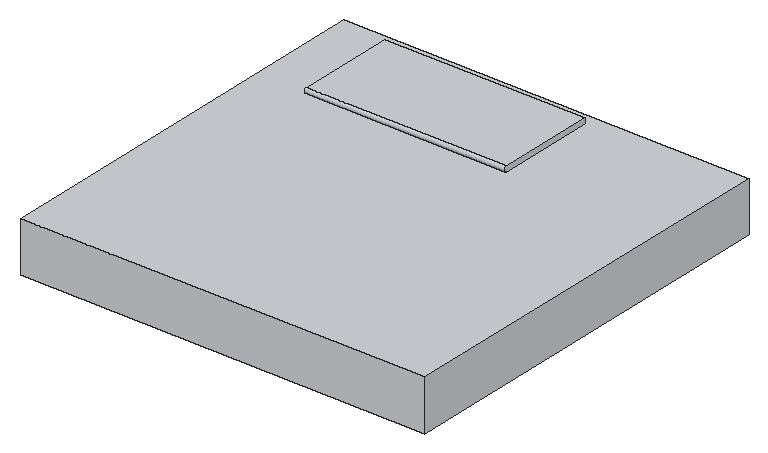
Revit family
Parameters
  Width = 2' - 0"
  URL = "www.coldspringgranite.com"
  TypicalJointSize = 0' - 0 1/2"
  StopBullnoseRightVisibilityOn = not(StopBullnoseRightVisibilityOff)  # no
  StopBullnoseRightVisibilityOff = StopBullnoseRight = 0' 0"  # yes
  StopBullnoseRight = 0' - 0"
  StopBullnoseLeftVisibilityOn = not(StopBullnoseLeftVisibilityOff)  # no
  StopBullnoseLeftVisibilityOff = StopBullnoseLeft = 0' 0"  # yes
  StopBullnoseLeft = 0' - 0"
  StoneMaterial = none
  Product Name = "Countertop Stone Panels with Bullnose Front Edge"
  Product Documentation Link = "http://www.coldspringgranite.com/BIM_Families/Family_Detail/Countertop_Stone_Panels_with_Bullnose_Front_Edge/"
  PhoneNumber = "800-551-7502"
  Notes = ""
  Model = "N/A"
  Manufacturer = "Cold Spring Granite Company"
  Low Emitting Material = yes
  Low Emitting Finish = yes
  Location = "17482 Granite West Road, Cold Spring, MN 56320-4578"
  Length [instance] = 4' - 0"
  LEED Credit = ""
  Keynote = "123640"
  JointRightOff = no
  JointRight = if(JointRightOff, 0' 0", TypicalJointSize / 2)  # 0' - 0 1/4"
  JointLeftOff = no
  JointLeft = if(JointLeftOff, 0' 0", TypicalJointSize / 2)  # 0' - 0 1/4"
  JointBackOff = no
  JointBack = if(JointBackOff, 0' 0", TypicalJointSize / 2)  # 0' - 0 1/4"
  Height = 0' - 1 3/16"
  Description = "Stone Countertop Bullnose Front Edge"
  Default Elevation = 0' - 0"
  CountertopHeight = 2' - 10"
  BullnoseRadius = Height / 2  # 0' - 0 19/32"
  Assembly Code = "C1030400"
Reference planes (in)
  plane 1 "Center (Front/Back)": y = 0
  plane 2: z = 0
  plane 3 "Center (Left/Right)": x = 0
  plane 4 "StoneLeft": x = 0.25
  plane 5 "StopBullnoseLeft": x = 0.25
  plane 6 "StoneRight": x = 47.75
  plane 7 "JointRightCenter": x = 48
  plane 8 "StopBullnoseRight": x = 47.75
  plane 9 "StoneFront": y = -24
  plane 10 "BullnoseRadiusTop": y = -23.40625
  plane 11 "StoneBack": y = -0.25
  plane 12 "StoneTop": z = 34
  plane 13 "BullnoseRadiusFront": z = 33.40625
  plane 14 "StoneBottom": z = 32.8125
Forms (in)
  Extrusion 1, solid
    sketch origin (0, 0, 0) x (1, 0, 0) y (0, 1, 0)
      loop
        line (-48, 48) -> (-48, -48) -> (48, -48) -> (48, 48) -> (-48, 48)
    from 0 to -12
  Extrusion 2, solid, material <- "StoneMaterial", detail levels medium+fine
    sketch origin (0, 0, 0) x (1, 0, 0) y (0, 1, 0)
      loop
        line (0.25, -24) -> (47.75, -24) -> (47.75, -0.25) -> (0.25, -0.25) -> (0.25, -24)
    from 32.8125 to 34
  Extrusion 3, void, detail levels medium+fine
    sketch origin (0, 0, 0) x (0, 1, 0) y (0, 0, 1)
      loop
        line (-23.40625, 34) -> (-24.5, 34) -> (-24.5, 32.8125) -> (-23.40625, 32.8125)
        arc (-23.40625, 32.8125) -> (-24, 33.40625) -> (-23.40625, 34) r 0.59375
    from 0.25 to 47.75
  Extrusion 4, solid, material <- "StoneMaterial", detail levels coarse
    sketch origin (0, 0, 0) x (1, 0, 0) y (0, 1, 0)
      loop
        line (0, -24) -> (48, -24) -> (48, 0) -> (0, 0) -> (0, -24)
    from 32.8125 to 34
Cuts and joins
  Extrusion 3 cuts Extrusion 2
Lines and regions (in)
  Masking region 1, detail levels coarse
    outline origin (0, 0, 34) x (-1, 0, 0) y (0, -1, 0)
      loop
        line (0, 24) -> (-48, 24) -> (-48, 0) -> (0, 0) -> (0, 24)
  Masking region 2, detail levels medium+fine
    outline origin (0, 0, 34) x (-1, 0, 0) y (0, -1, 0)
      loop
        line (-0.25, 0.25) -> (-0.25, 24) -> (-47.75, 24) -> (-47.75, 0.25) -> (-0.25, 0.25)
  Masking region 3, detail levels coarse
    outline origin (0, -24, 0) x (-1, 0, 0) y (0, 0, 1)
      loop
        line (0, 34) -> (-48, 34) -> (-48, 32.8125) -> (0, 32.8125) -> (0, 34)
  Masking region 4, detail levels medium+fine
    outline origin (0, -24, 0) x (-1, 0, 0) y (0, 0, 1)
      loop
        line (-0.25, 34) -> (-47.75, 34) -> (-47.75, 32.8125) -> (-0.25, 32.8125) -> (-0.25, 34)
  Masking region 5, detail levels coarse
    outline origin (0.25, 0, 0) x (0, 1, 0) y (0, 0, 1)
      loop
        line (0, 34) -> (-24, 34) -> (-24, 32.8125) -> (0, 32.8125) -> (0, 34)
  Masking region 6, visible <- "StopBullnoseLeftVisibilityOn", detail levels medium
    outline origin (0.25, 0, 0) x (0, 1, 0) y (0, 0, 1)
      loop
        line (-0.25, 34) -> (-24, 34) -> (-24, 32.8125) -> (-0.25, 32.8125) -> (-0.25, 34)
  Masking region 7, visible <- "StopBullnoseLeftVisibilityOff", detail levels medium
    outline origin (0.25, 0, 0) x (0, 1, 0) y (0, 0, 1)
      loop
        line (-0.25, 34) -> (-23.40625, 34)
        arc (-23.40625, 34) -> (-24, 33.40625) -> (-23.40625, 32.8125) r 0.59375
        line (-23.40625, 32.8125) -> (-0.25, 32.8125) -> (-0.25, 34)
  Masking region 8, detail levels fine
    outline origin (0.25, 0.53014, 11.2192) x (0, 1, 0) y (0, 0, 1)
      loop
        line (-0.78014, 22.7808) -> (-23.93639, 22.7808)
        arc (-23.93639, 22.7808) -> (-24.53014, 22.18705) -> (-23.93639, 21.5933) r 0.59375
        line (-23.93639, 21.5933) -> (-0.78014, 21.5933) -> (-0.78014, 22.7808)
  Masking region 9, visible <- "StopBullnoseRightVisibilityOn", detail levels medium
    outline origin (47.75, 0, 0) x (0, 1, 0) y (0, 0, 1)
      loop
        line (-24, 34) -> (-24, 32.8125) -> (-0.25, 32.8125) -> (-0.25, 34) -> (-24, 34)
  Masking region 10, visible <- "StopBullnoseRightVisibilityOff", detail levels medium
    outline origin (47.75, 0, 0) x (0, 1, 0) y (0, 0, 1)
      loop
        line (-23.40625, 32.8125) -> (-0.25, 32.8125) -> (-0.25, 34) -> (-23.40625, 34)
        arc (-23.40625, 34) -> (-24, 33.40625) -> (-23.40625, 32.8125) r 0.59375
  symbolic lines, detail levels medium+fine
    curve 1: line (0.25, -24, 34) -> (0.25, -23.40625, 34)
    curve 2: line (0.25, -23.40625, 34) -> (47.75, -23.40625, 34)
    curve 3: line (47.75, -23.40625, 34) -> (47.75, -24, 34)
    curve 4: line (0.25, -24, 34) -> (0.25, -24, 32.8125)
    curve 5: line (47.75, -24, 32.8125) -> (47.75, -24, 34)
Dimensions and locks (in)
  "StopBullnoseLeft": plane 4 "StoneLeft" to plane 5 "StopBullnoseLeft"
  "StopBullnoseRight": plane 8 "StopBullnoseRight" to plane 6 "StoneRight"
  "JointRight": plane 6 "StoneRight" to plane 7 "JointRightCenter"
  "JointLeft": plane 3 "Center (Left/Right)" to plane 4 "StoneLeft"
  "Length": plane 3 "Center (Left/Right)" to plane 7 "JointRightCenter"
  "JointBack": plane 11 "StoneBack" to plane 1 "Center (Front/Back)"
  "Width": plane 9 "StoneFront" to plane 1 "Center (Front/Back)"
  "BullnoseRadius": plane 9 "StoneFront" to plane 10 "BullnoseRadiusTop"
  "BullnoseRadius": plane 12 "StoneTop" to plane 13 "BullnoseRadiusFront"
  "Height": plane 12 "StoneTop" to plane 14 "StoneBottom"
  "CountertopHeight": plane 12 "StoneTop" to plane 2
  locked: plane 9 "StoneFront" to Extrusion 3 sketch curve at 0.5
  aligned and locked: plane 2 to Extrusion 1
  aligned and locked: level to Extrusion 1
  aligned and locked: plane 11 "StoneBack" to Extrusion 2
  aligned and locked: plane 6 "StoneRight" to Extrusion 2
  aligned and locked: Extrusion 2 to plane 9 "StoneFront"
  aligned and locked: Extrusion 2 to plane 4 "StoneLeft"
  aligned and locked: plane 12 "StoneTop" to Extrusion 2
  aligned and locked: Extrusion 2 to plane 14 "StoneBottom"
  aligned and locked: plane 12 "StoneTop" to Extrusion 3 sketch curve  (x2)
  aligned and locked: plane 10 "BullnoseRadiusTop" to Extrusion 3 sketch curve  (x4)
  aligned and locked: plane 14 "StoneBottom" to Extrusion 3 sketch curve  (x2)
  aligned and locked: Extrusion 3 sketch curve to plane 12 "StoneTop"
  aligned and locked: Extrusion 3 sketch curve to plane 14 "StoneBottom"
  aligned and locked: Extrusion 3 sketch curve to Extrusion 3 sketch curve
  aligned and locked: plane 5 "StopBullnoseLeft" to cut or joined group of Extrusion 2, Extrusion 3
  aligned and locked: plane 8 "StopBullnoseRight" to cut or joined group of Extrusion 2, Extrusion 3
  aligned and locked: Extrusion 4 to plane 1 "Center (Front/Back)"
  aligned and locked: Extrusion 4 to plane 3 "Center (Left/Right)"
  aligned and locked: Extrusion 4 to plane 7 "JointRightCenter"
  aligned and locked: Extrusion 4 to plane 9 "StoneFront"
  aligned and locked: Masking region 1 to plane 1 "Center (Front/Back)"
  aligned and locked: Masking region 1 to plane 7 "JointRightCenter"
  aligned and locked: Masking region 1 to plane 9 "StoneFront"
  aligned and locked: Masking region 1 to plane 3 "Center (Left/Right)"
  aligned and locked: Masking region 2 to plane 9 "StoneFront"
  aligned and locked: plane 11 "StoneBack" to Masking region 2
  aligned and locked: Masking region 2 to plane 4 "StoneLeft"
  aligned and locked: plane 6 "StoneRight" to Masking region 2
  aligned and locked: plane 10 "BullnoseRadiusTop" to curve 1
  aligned and locked: plane 5 "StopBullnoseLeft" to curve 2
  aligned and locked: plane 9 "StoneFront" to curve 1
  aligned and locked: plane 10 "BullnoseRadiusTop" to curve 3
  aligned and locked: plane 9 "StoneFront" to curve 3
  aligned and locked: plane 8 "StopBullnoseRight" to curve 2
  aligned and locked: plane 12 "StoneTop" to Extrusion 4
  aligned and locked: Extrusion 4 to plane 14 "StoneBottom"
  aligned and locked: plane 3 "Center (Left/Right)" to Masking region 3
  aligned and locked: plane 7 "JointRightCenter" to Masking region 3
  aligned and locked: plane 14 "StoneBottom" to Masking region 3
  aligned and locked: Masking region 3 to plane 12 "StoneTop"
  aligned and locked: plane 4 "StoneLeft" to Masking region 4
  aligned and locked: Masking region 4 to plane 6 "StoneRight"
  aligned and locked: Masking region 4 to plane 12 "StoneTop"
  aligned and locked: plane 14 "StoneBottom" to Masking region 4
  aligned and locked: plane 12 "StoneTop" to curve 4
  aligned and locked: plane 14 "StoneBottom" to curve 4
  aligned and locked: plane 12 "StoneTop" to curve 5
  aligned and locked: plane 14 "StoneBottom" to curve 5
  aligned and locked: plane 8 "StopBullnoseRight" to curve 5
  aligned and locked: plane 5 "StopBullnoseLeft" to curve 4
  aligned and locked: plane 14 "StoneBottom" to Masking region 5
  aligned and locked: plane 9 "StoneFront" to Masking region 5
  aligned and locked: plane 1 "Center (Front/Back)" to Masking region 5
  aligned and locked: Masking region 5 to plane 12 "StoneTop"
  aligned and locked: Masking region 6 to plane 12 "StoneTop"
  aligned and locked: plane 9 "StoneFront" to Masking region 6
  aligned and locked: plane 14 "StoneBottom" to Masking region 6
  aligned and locked: Masking region 6 to plane 11 "StoneBack"
  aligned and locked: plane 12 "StoneTop" to Masking region 7 sketch curve  (x2)
  aligned and locked: plane 10 "BullnoseRadiusTop" to Masking region 7 sketch curve  (x2)
  aligned and locked: plane 11 "StoneBack" to Masking region 7 sketch curve  (x2)
  aligned and locked: Masking region 7 sketch curve to plane 14 "StoneBottom"
  aligned and locked: plane 12 "StoneTop" to Masking region 8 sketch curve
  aligned and locked: plane 11 "StoneBack" to Masking region 8 sketch curve  (x2)
  aligned and locked: Masking region 8 sketch curve to plane 14 "StoneBottom"
  aligned and locked: plane 10 "BullnoseRadiusTop" to Masking region 8 sketch curve  (x2)
  aligned and locked: Masking region 9 to plane 9 "StoneFront"
  aligned and locked: Masking region 9 to plane 14 "StoneBottom"
  aligned and locked: plane 12 "StoneTop" to Masking region 9
  aligned and locked: plane 11 "StoneBack" to Masking region 9
  aligned and locked: plane 12 "StoneTop" to Masking region 10 sketch curve  (x2)
  aligned and locked: plane 11 "StoneBack" to Masking region 10 sketch curve
  aligned and locked: Masking region 10 sketch curve to plane 14 "StoneBottom"
  aligned and locked: plane 14 "StoneBottom" to Masking region 10 sketch curve
  aligned and locked: plane 10 "BullnoseRadiusTop" to Masking region 10 sketch curve  (x2)
Automatic sketch dimensions
  Extrusion 1 sketch curve to Extrusion 1 sketch curve = 8' - 0"  (x2)
  Extrusion 2 sketch curve to plane 4 "StoneLeft" = 0' - 0"
  plane 6 "StoneRight" to Extrusion 2 sketch curve = 0' - 0"
  Extrusion 2 sketch curve to plane 9 "StoneFront" = 0' - 0"
  plane 11 "StoneBack" to Extrusion 2 sketch curve = 0' - 0"
  plane 5 "StopBullnoseLeft" to Extrusion 4 sketch curve = 0' - 0 1/4"
  plane 8 "StopBullnoseRight" to Extrusion 4 sketch curve = 0' - 0 1/4"
  Extrusion 4 sketch curve to plane 9 "StoneFront" = 0' - 0"
  plane 11 "StoneBack" to Extrusion 4 sketch curve = 0' - 0 1/4"
  plane 8 "StopBullnoseRight" to Masking region 1 sketch curve = 0' - 0 1/4"
  plane 5 "StopBullnoseLeft" to Masking region 1 sketch curve = 0' - 0 1/4"
  plane 11 "StoneBack" to Masking region 1 sketch curve = 0' - 0 1/4"
  Masking region 1 sketch curve to plane 9 "StoneFront" = 0' - 0"
  plane 8 "StopBullnoseRight" to Masking region 2 sketch curve = 0' - 0"
  plane 5 "StopBullnoseLeft" to Masking region 2 sketch curve = 0' - 0"
  plane 1 "Center (Front/Back)" to Masking region 2 sketch curve = 0' - 0 1/4"
  Masking region 2 sketch curve to plane 11 "StoneBack" = 1' - 11 3/4"
  plane 8 "StopBullnoseRight" to Masking region 3 sketch curve = 0' - 0 1/4"
  plane 5 "StopBullnoseLeft" to Masking region 3 sketch curve = 0' - 0 1/4"
  Masking region 3 sketch curve to plane 12 "StoneTop" = 0' - 1 3/16"
  Masking region 3 sketch curve to Masking region 3 sketch curve = 0' - 1 3/16"
  plane 8 "StopBullnoseRight" to Masking region 4 sketch curve = 0' - 0"
  plane 5 "StopBullnoseLeft" to Masking region 4 sketch curve = 0' - 0"
  Masking region 4 sketch curve to plane 14 "StoneBottom" = 0' - 0"
  plane 14 "StoneBottom" to Masking region 4 sketch curve = 0' - 1 3/16"
  plane 10 "BullnoseRadiusTop" to Masking region 5 sketch curve = 0' - 0 19/32"
  plane 11 "StoneBack" to Masking region 5 sketch curve = 0' - 0 1/4"
  Masking region 5 sketch curve to plane 12 "StoneTop" = 0' - 1 3/16"
  Masking region 5 sketch curve to Masking region 5 sketch curve = 0' - 1 3/16"
  plane 14 "StoneBottom" to Masking region 6 sketch curve = 0' - 1 3/16"
  plane 10 "BullnoseRadiusTop" to Masking region 6 sketch curve = 0' - 0 19/32"
  plane 11 "StoneBack" to Masking region 6 sketch curve = 0' - 0"
  Masking region 6 sketch curve to Masking region 6 sketch curve = 0' - 1 3/16"
  plane 10 "BullnoseRadiusTop" to Masking region 9 sketch curve = 0' - 0 19/32"
  Masking region 9 sketch curve to plane 11 "StoneBack" = 0' - 0"
  Masking region 9 sketch curve to plane 12 "StoneTop" = 0' - 1 3/16"
  Masking region 9 sketch curve to Masking region 9 sketch curve = 0' - 1 3/16"
Nested families (in)
  nested 1: "CopyRight" at (0, 0, 0), type "CopyRight"
Definition of nested family "CopyRight"
  Parameters (values of type "CopyRight")
    CopyRight = "Cold Spring Granite Company"
  Reference planes (in)
    plane 1: z = 0
